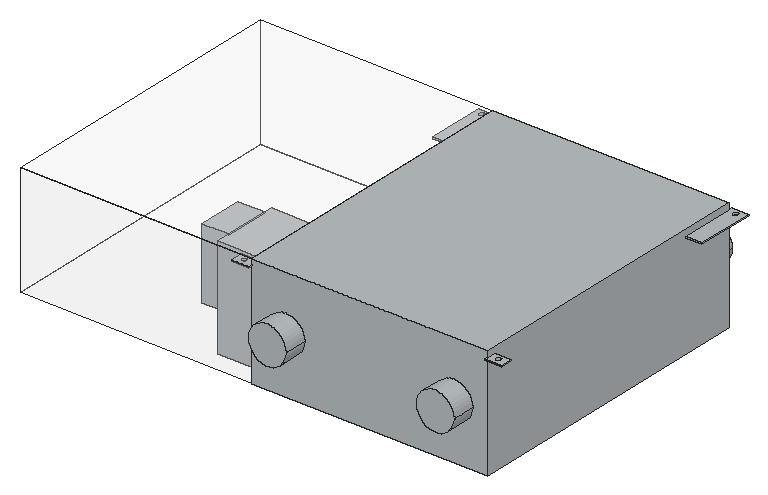
Revit family "lgh-rn15_100rxv(d)-c_60Hz", category 機械設備, Revit 2019
Family settings
  丸型コネクタ寸法 = 直径を使用
  パーツ タイプ = 割り込み
  OmniClass 番号 = 23.75.10.34.21
  OmniClass タイトル = Heat Exchangers for Ventilation Air
  作業面ベース = いいえ
  常に垂直 = はい
  ロード時にボイドで切り取り = いいえ
  共有 = いいえ
  部屋計算ポイント = はい
Parameters (values of type "LGH-RN15RXV-C")
  騒音レベル(dB(A)) = 31
  風量 = MAX風量  # 150.0 m³/h
  面風速 = 5.31 m/s
  電源種別 [instance] = "一般"
  電圧 = 100 V
  電動機出力 = 0 W
  集中コントローラ = ""
  運転質量 = 0.00 kg
  連動 [instance] = ""
  質量 = if(製品質量 > 運転質量, 製品質量, 運転質量) * 1.2  # 27.60 kg
  負荷分類 = 3_ファン類
  説明 = "業務用ロスナイ 天井埋込形 DCリプレースマイコン CO2センサー付"
  設計風量 = 0.0 m³/h
  設置方法 = "天井吊(隠ぺい)形"
  記号 [instance] = ""
  製造元 = "三菱電機株式会社"
  製品質量 = 23.00 kg
  製品出荷対象 = "国内"
  製品リリース年月 = "2020年10月1日"
  製品グループ = ""
  系統 [instance] = ""
  符号 [instance] = "HEU"
  積算_科目 = "1 空気調和設備"
  積算_拾い区分 [instance] = ""
  相 = 1
  盤記号 [instance] = ""
  発停方法 [instance] = "別売リモコン"
  特殊仕様 [instance] = ""
  点検口高さ = -Height / 2  # -145 mm
  点検口 = yes
  火災停止 [instance] = ""
  温度交換効率_特強 = 74.00%
  温度交換効率_強 = 74.00%
  温度交換効率_弱 = 78.00%
  消費電力 = 85 W
  法定耐用年数 = "15"
  機外静圧_排気 = 210.0 Pa
  機外静圧 = 210.0 Pa
  極数 = 2
  材質 [instance] = ""
  本体マテリアル = 溶融亜鉛めっき鋼板
  操作・制御方式 = ""
  操作・制御スイッチ = ""
  排気量 = 0.0 m³/h
  形式 = "天井埋込ダクト形"
  形名 = LGH-RN-1 : LGH-RN15-1
  幹線記号 [instance] = ""
  対象室 [instance] = ""
  実風量 = 0.0 m³/h
  始動方式 [instance] = "直入"
  外気量 = 設計風量  # 0.0 m³/h
  呼称 = "全熱交換ユニット"
  周波数 = 60 Hz
  天吊金具ピッチ幅 = 658 mm
  天吊金具ピッチ奥行 = 768 mm
  参照している仕様書等のバージョン = "公共建築工事標準仕様書（機械設備工事編）平成31年度版"
  初期抵抗 = 0.0 Pa
  分類コード = "50052504100070"
  分類グループ = ""
  価格 = 412200
  企業コード = "108420"
  付属品_フィルター_還気 = ""
  付属品_フィルター = ""
  付属品 [instance] = ""
  仕様書バージョン = "Version1.0"
  モデル = "LGH-RN15RXV-C"
  ドレン管径 = 0 mm
  OAダクト変更表示 = no
  EAダクト変更表示 = no
  サービススペース = yes
  コメント [instance] = ""
  Keynote = ""
  エンタルピ交換効率_暖房_特強 = 75.50%
  エンタルピ交換効率_暖房_強 = 75.50%
  エンタルピ交換効率_暖房_弱 = 79.00%
  エンタルピ交換効率_冷房_特強 = 64.50%
  エンタルピ交換効率_冷房_強 = 64.50%
  エンタルピ交換効率_冷房_弱 = 69.00%
  Width = 610 mm
  Version = ""
  Uniclass2015Version = "Systems v1.9"
  Uniclass2015Title = "Thermal wheels"
  Uniclass2015Code = "Pr_60_60_36_88"
  URL = "https://www.mitsubishielectric.co.jp/ldg/wink/ssl/displayProduct.do?pid=309810"
  SpecificationReference = ""
  SpecificationDescription = ""
  SMAX風量 = 150.0 m³/h
  SMAX静圧 = 210.0 Pa
  SAサイズ_D = 97.5 mm
  Revision = ""
  RAサイズ_D = 97.5 mm
  ProductInformation = ""
  OmniClassCode = "23-27 23 19 11"
  OAサイズ_W = 0 mm
  OAサイズ_D = 97.5 mm
  MIN風量 = 66.0 m³/h
  MIN静圧 = 35.0 Pa
  MID風量 = 108.0 m³/h
  MID静圧 = 93.0 Pa
  MAX風量 = 150.0 m³/h
  MAX静圧 = 180.0 Pa
  M = 59 mm
  IfcTypeProduct = ""
  IfcProduct = ""
  IfcExportType = "ROTARYWHEEL"
  IfcExportAs = "IfcAirToAirHeatRecoveryType"
  Height = 290 mm
  EAサイズ_W = 0 mm
  EAサイズ_D = 97.5 mm
  Depth = 780 mm
  Clearance Top = 0 mm  # constant formula
  Clearance Right = 0 mm  # constant formula
  Clearance Left = 600 mm  # constant formula
  Clearance Front = 0 mm  # constant formula
  Clearance Bottom = 0 mm  # constant formula
  Clearance Back = 0 mm  # constant formula
  Author = "三菱電機株式会社"
Types (14, lengths in mm): name | 騒音レベル(dB(A)) | 風量 | 面風速 | 電圧 | 質量 | 製品質量 | 点検口高さ | 温度交換効率_特強 | 温度交換効率_強 | 温度交換効率_弱 | 消費電力 | 機外静圧_排気 | 機外静圧 | 極数 | 形名 | 天吊金具ピッチ幅 | 天吊金具ピッチ奥行 | 参照している仕様書等のバージョン | 価格 | モデル | エンタルピ交換効率_暖房_特強 | エンタルピ交換効率_暖房_強 | エンタルピ交換効率_暖房_弱 | エンタルピ交換効率_冷房_特強 | エンタルピ交換効率_冷房_強 | エンタルピ交換効率_冷房_弱 | Width | URL | SMAX風量 | SMAX静圧 | SAサイズ_D | RAサイズ_D | OAサイズ_D | MIN風量 | MIN静圧 | MID風量 | MID静圧 | MAX風量 | MAX静圧 | M | Height | EAサイズ_D | Depth
  LGH-RN15RXVD-C | 31 | 150.0 m³/h | 5.31 m/s | 200 V | 27.60 kg | 23.00 kg | -145 | 74.00% | 74.00% | 78.00% | 85 W | 210.0 Pa | 210.0 Pa | 3 | LGH-RN-1 : LGH-RN15-1 | 658 | 768 | "公共建築工事標準仕様書（機械設備工事編）平成31年度版" | 412200 | "LGH-RN15RXVD-C" | 75.50% | 75.50% | 79.00% | 64.50% | 64.50% | 69.00% | 610 | "https://www.mitsubishielectric.co.jp/ldg/wink/ssl/displayProduct.do?pid=309809" | 150.0 m³/h | 210.0 Pa | 97.5 | 97.5 | 97.5 | 66.0 m³/h | 35.0 Pa | 108.0 m³/h | 93.0 Pa | 150.0 m³/h | 180.0 Pa | 59 | 290 | 97.5 | 780
  LGH-RN25RXVD-C | 30 | 250.0 m³/h | 3.93 m/s | 200 V | 28.80 kg | 24.00 kg | -145 | 70.00% | 70.00% | 78.00% | 110 W | 170.0 Pa | 170.0 Pa | 3 | LGH-RN-1 : LGH-RN25-1 | 782 | 768 | "公共建築工事標準仕様書（機械設備工事編）平成31年度版" | 433200 | "LGH-RN25RXVD-C" | 73.00% | 73.00% | 78.50% | 63.00% | 63.00% | 68.50% | 735 | "https://www.mitsubishielectric.co.jp/ldg/wink/ssl/displayProduct.do?pid=309804" | 250.0 m³/h | 170.0 Pa | 142 | 142 | 142 | 110.0 m³/h | 28.0 Pa | 180.0 m³/h | 75.0 Pa | 250.0 m³/h | 145.0 Pa | 69 | 290 | 142 | 780
  LGH-RN35RXVD-C | 33 | 350.0 m³/h | 5.5 m/s | 200 V | 39.60 kg | 33.00 kg | -165 | 71.50% | 71.50% | 75.00% | 210 W | 300.0 Pa | 300.0 Pa | 3 | LGH-RN-1 : LGH-RN35-1 | 921 | 875 | "公共建築工事標準仕様書（機械設備工事編）平成31年度版" | 458200 | "LGH-RN35RXVD-C" | 74.50% | 74.50% | 78.50% | 65.50% | 65.50% | 66.50% | 875 | "https://www.mitsubishielectric.co.jp/ldg/wink/ssl/displayProduct.do?pid=309808" | 350.0 m³/h | 300.0 Pa | 142 | 142 | 142 | 154.0 m³/h | 36.0 Pa | 252.0 m³/h | 96.0 Pa | 350.0 m³/h | 185.0 Pa | 69 | 330 | 142 | 890
  LGH-RN50RXVD-C | 37 | 500.0 m³/h | 4.42 m/s | 200 V | 44.40 kg | 37.00 kg | -165 | 71.00% | 71.00% | 75.00% | 315 W | 310.0 Pa | 310.0 Pa | 3 | LGH-RN-1 : LGH-RN50-1 | 1063 | 875 | "公共建築工事標準仕様書（機械設備工事編）平成31年度版" | 519200 | "LGH-RN50RXVD-C" | 73.00% | 73.00% | 77.50% | 63.00% | 63.00% | 66.50% | 1020 | "https://www.mitsubishielectric.co.jp/ldg/wink/ssl/displayProduct.do?pid=309806" | 500.0 m³/h | 310.0 Pa | 192 | 192 | 192 | 220.0 m³/h | 37.0 Pa | 360.0 m³/h | 98.0 Pa | 500.0 m³/h | 190.0 Pa | 84 | 330 | 192 | 890
  LGH-RN65RXVD-C | 40 | 650.0 m³/h | 5.75 m/s | 200 V | 51.60 kg | 43.00 kg | -202 | 71.50% | 71.50% | 76.00% | 445 W | 320.0 Pa | 320.0 Pa | 3 | LGH-RN-1 : LGH-RN65-1 | 1001 | 895 | "公共建築工事標準仕様書（機械設備工事編）平成31年度版" | 629200 | "LGH-RN65RXVD-C" | 72.00% | 72.00% | 76.00% | 63.00% | 63.00% | 67.00% | 892 | "https://www.mitsubishielectric.co.jp/ldg/wink/ssl/displayProduct.do?pid=309802" | 650.0 m³/h | 320.0 Pa | 192 | 192 | 192 | 286.0 m³/h | 45.0 Pa | 468.0 m³/h | 119.0 Pa | 650.0 m³/h | 230.0 Pa | 84 | 404 | 192 | 984
  LGH-RN80RXVD-C | 40 | 800.0 m³/h | 4.53 m/s | 200 V | 63.60 kg | 53.00 kg | -202 | 73.00% | 73.00% | 76.50% | 540 W | 310.0 Pa | 310.0 Pa | 3 | LGH-RN-1 : LGH-RN80-1 | 1051 | 1131 | "公共建築工事標準仕様書（機械設備工事編）平成31年度版" | 713200 | "LGH-RN80RXVD-C" | 75.00% | 75.00% | 78.00% | 65.00% | 65.00% | 68.00% | 1004 | "https://www.mitsubishielectric.co.jp/ldg/wink/ssl/displayProduct.do?pid=309801" | 800.0 m³/h | 310.0 Pa | 242 | 242 | 242 | 352.0 m³/h | 37.0 Pa | 576.0 m³/h | 98.0 Pa | 800.0 m³/h | 190.0 Pa | 84 | 404 | 242 | 1144
  LGH-RN100RXVD-C | 38 | 1000.0 m³/h | 5.66 m/s | 200 V | 69.60 kg | 58.00 kg | -202 | 73.00% | 73.00% | 75.00% | 580 W | 225.0 Pa | 225.0 Pa | 3 | LGH-RN-1 : LGH-RN100-1 | 1278 | 1131 | "" | 785200 | "LGH-RN100RXVD-C" | 75.00% | 75.00% | 76.50% | 65.00% | 65.00% | 67.50% | 1231 | "https://www.mitsubishielectric.co.jp/ldg/wink/ssl/displayProduct.do?pid=309812" | 1000.0 m³/h | 225.0 Pa | 242 | 242 | 242 | 440.0 m³/h | 32.0 Pa | 720.0 m³/h | 86.0 Pa | 1000.0 m³/h | 165.0 Pa | 84 | 404 | 242 | 1144
  LGH-RN15RXV-C | 31 | 150.0 m³/h | 5.31 m/s | 100 V | 27.60 kg | 23.00 kg | -145 | 74.00% | 74.00% | 78.00% | 85 W | 210.0 Pa | 210.0 Pa | 2 | LGH-RN-1 : LGH-RN15-1 | 658 | 768 | "公共建築工事標準仕様書（機械設備工事編）平成31年度版" | 412200 | "LGH-RN15RXV-C" | 75.50% | 75.50% | 79.00% | 64.50% | 64.50% | 69.00% | 610 | "https://www.mitsubishielectric.co.jp/ldg/wink/ssl/displayProduct.do?pid=309810" | 150.0 m³/h | 210.0 Pa | 97.5 | 97.5 | 97.5 | 66.0 m³/h | 35.0 Pa | 108.0 m³/h | 93.0 Pa | 150.0 m³/h | 180.0 Pa | 59 | 290 | 97.5 | 780
  LGH-RN25RXV-C | 30 | 250.0 m³/h | 3.93 m/s | 100 V | 28.80 kg | 24.00 kg | -145 | 70.00% | 70.00% | 78.00% | 110 W | 170.0 Pa | 170.0 Pa | 2 | LGH-RN-1 : LGH-RN25-1 | 782 | 768 | "公共建築工事標準仕様書（機械設備工事編）平成31年度版" | 433200 | "LGH-RN25RXV-C" | 73.00% | 73.00% | 78.50% | 63.00% | 63.00% | 68.50% | 735 | "https://www.mitsubishielectric.co.jp/ldg/wink/ssl/displayProduct.do?pid=309805" | 250.0 m³/h | 170.0 Pa | 142 | 142 | 142 | 110.0 m³/h | 28.0 Pa | 180.0 m³/h | 75.0 Pa | 250.0 m³/h | 145.0 Pa | 69 | 290 | 142 | 780
  LGH-RN35RXV-C | 33 | 350.0 m³/h | 5.5 m/s | 100 V | 39.60 kg | 33.00 kg | -165 | 71.50% | 71.50% | 75.00% | 210 W | 300.0 Pa | 300.0 Pa | 2 | LGH-RN-1 : LGH-RN35-1 | 921 | 875 | "公共建築工事標準仕様書（機械設備工事編）平成31年度版" | 458200 | "LGH-RN35RXV-C" | 74.50% | 74.50% | 78.50% | 65.50% | 65.50% | 66.50% | 875 | "https://www.mitsubishielectric.co.jp/ldg/wink/ssl/displayProduct.do?pid=309803" | 350.0 m³/h | 300.0 Pa | 142 | 142 | 142 | 154.0 m³/h | 36.0 Pa | 252.0 m³/h | 96.0 Pa | 350.0 m³/h | 185.0 Pa | 69 | 330 | 142 | 890
  LGH-RN50RXV-C | 37 | 500.0 m³/h | 4.42 m/s | 100 V | 44.40 kg | 37.00 kg | -165 | 71.00% | 71.00% | 75.00% | 315 W | 310.0 Pa | 310.0 Pa | 2 | LGH-RN-1 : LGH-RN50-1 | 1063 | 875 | "公共建築工事標準仕様書（機械設備工事編）平成31年度版" | 519200 | "LGH-RN50RXV-C" | 73.00% | 73.00% | 77.50% | 63.00% | 63.00% | 66.50% | 1020 | "https://www.mitsubishielectric.co.jp/ldg/wink/ssl/displayProduct.do?pid=309807" | 500.0 m³/h | 310.0 Pa | 192 | 192 | 192 | 220.0 m³/h | 37.0 Pa | 360.0 m³/h | 98.0 Pa | 500.0 m³/h | 190.0 Pa | 84 | 330 | 192 | 890
  LGH-RN65RXV-C | 40 | 650.0 m³/h | 5.75 m/s | 100 V | 51.60 kg | 43.00 kg | -202 | 71.50% | 71.50% | 76.00% | 445 W | 320.0 Pa | 320.0 Pa | 2 | LGH-RN-1 : LGH-RN65-1 | 1001 | 895 | "公共建築工事標準仕様書（機械設備工事編）平成31年度版" | 629200 | "LGH-RN65RXV-C" | 72.00% | 72.00% | 76.00% | 63.00% | 63.00% | 67.00% | 892 | "https://www.mitsubishielectric.co.jp/ldg/wink/ssl/displayProduct.do?pid=309799" | 650.0 m³/h | 320.0 Pa | 192 | 192 | 192 | 286.0 m³/h | 45.0 Pa | 468.0 m³/h | 119.0 Pa | 650.0 m³/h | 230.0 Pa | 84 | 404 | 192 | 984
  LGH-RN80RXV-C | 40 | 800.0 m³/h | 4.53 m/s | 100 V | 63.60 kg | 53.00 kg | -202 | 73.00% | 73.00% | 76.50% | 540 W | 310.0 Pa | 310.0 Pa | 2 | LGH-RN-1 : LGH-RN80-1 | 1051 | 1131 | "公共建築工事標準仕様書（機械設備工事編）平成31年度版" | 713200 | "LGH-RN80RXV-C" | 75.00% | 75.00% | 78.00% | 65.00% | 65.00% | 68.00% | 1004 | "https://www.mitsubishielectric.co.jp/ldg/wink/ssl/displayProduct.do?pid=309800" | 800.0 m³/h | 310.0 Pa | 242 | 242 | 242 | 352.0 m³/h | 37.0 Pa | 576.0 m³/h | 98.0 Pa | 800.0 m³/h | 190.0 Pa | 84 | 404 | 242 | 1144
  LGH-RN100RXV-C | 38 | 1000.0 m³/h | 5.66 m/s | 100 V | 69.60 kg | 58.00 kg | -202 | 73.00% | 73.00% | 75.00% | 580 W | 225.0 Pa | 225.0 Pa | 2 | LGH-RN-1 : LGH-RN100-1 | 1278 | 1131 | "" | 785200 | "LGH-RN100RXV-C" | 75.00% | 75.00% | 76.50% | 65.00% | 65.00% | 67.50% | 1231 | "https://www.mitsubishielectric.co.jp/ldg/wink/ssl/displayProduct.do?pid=309813" | 1000.0 m³/h | 225.0 Pa | 242 | 242 | 242 | 440.0 m³/h | 32.0 Pa | 720.0 m³/h | 86.0 Pa | 1000.0 m³/h | 165.0 Pa | 84 | 404 | 242 | 1144
Reference planes
  plane 1 "中心(正面/背面)": y = 0
  plane 2: z = 0
  plane 3 "中心(左/右)": x = 0
  plane 4 "4": x = 0
  plane 5 "3": x = 0
  plane 6 "左": x = -305
  plane 7 "右": x = 305
  plane 8 "背面": y = 390
  plane 9 "正面": y = -390
  plane 10: z = 145
  plane 11: y = 384
  plane 12: y = -384
  plane 13: x = 329
  plane 14: x = -329
  plane 15: z = -145
  plane 16: y = 390
  plane 17: y = -390
  plane 18: x = 305
  plane 19: x = -905
  plane 20: z = 145
  plane 21: z = -145
  plane 22: y = 225
  plane 23: x = -455
  plane 24: y = -225
Dimensions and locks
  equal spacing: plane 6 "左", plane 5 "3", plane 7 "右"
  "Width": plane 6 "左" to plane 7 "右"
  equal spacing: plane 9 "正面", plane 1 "中心(正面/背面)", plane 8 "背面"
  "Depth": plane 9 "正面" to plane 8 "背面"
  equal spacing: plane 10, level, plane 15
  "Height": plane 10 to plane 15
  equal spacing: plane 14, plane 5 "3", plane 13
  "天吊金具ピッチ幅": plane 14 to plane 13
  equal spacing: plane 12, plane 1 "中心(正面/背面)", plane 11
  "天吊金具ピッチ奥行": plane 12 to plane 11
  "Clearance Front": plane 17 to plane 9 "正面"
  "Clearance Back": plane 8 "背面" to plane 16
  "Clearance Right": plane 7 "右" to plane 18
  "Clearance Left": plane 19 to plane 6 "左"
  "Clearance Bottom": plane 15 to plane 21
  "Clearance Top": plane 20 to plane 10
  plane 17 to plane 9 "正面" = 0 mm
  locked: plane 19 to plane 23 at 450
  equal spacing: plane 24, plane 1 "中心(正面/背面)", plane 22
  locked: plane 24 to plane 22 at 450
  aligned and locked: level to plane 2
  aligned and locked: nested 1 to plane 11
  aligned and locked: plane 12 to nested 1
  aligned and locked: plane 14 to nested 1
  aligned and locked: plane 13 to nested 1
  aligned and locked: plane 10 to nested 2
  aligned and locked: plane 19 to nested 3
  aligned and locked: plane 20 to nested 3
  aligned and locked: plane 21 to nested 3
  aligned and locked: plane 17 to nested 3
  aligned and locked: plane 1 "中心(正面/背面)" to nested 2
  aligned and locked: nested 2 to plane 5 "3"
  aligned and locked: plane 16 to nested 3
  aligned and locked: plane 6 "左" to nested 3
  aligned and locked: plane 23 to nested 4
  aligned and locked: nested 4 to plane 24
  aligned and locked: plane 19 to nested 4
  aligned and locked: plane 22 to nested 4
Nested families
  nested 1: "固定点" at (-329, -384, 0), type "固定点"
    with W 658 mm, D 768 mm
  nested 2: "LGH-RN-1" at (0, 0, -145) x (0, -1, 0) z (0, 0, 1), type <- "形名", type "LGH-RN15-1"
  nested 3: "サービススペース" at (-605, 0, 0), visible <- "サービススペース", type "サービススペース"
    with Width 600 mm, Height 290 mm, Depth 780 mm
  nested 4: "点検口設置範囲" at (-680, 0, -145), visible <- "点検口", built-in parameter 1001364 <- "点検口高さ", type "点検口設置範囲"
    with Width 450 mm, Depth 450 mm
Connectors
  hvac at (-217.5, -449, 0), driven by "SAサイズ_D", driven by "機外静圧", driven by "風量"
    settings: on nested 2, index 2, duct flow 150.0 m³/h, flow factor 0, pres drop 210.0 Pa, loss coef 0, conn angle 0.00°, conn width 304.8 mm, conn height 304.8 mm, conn diameter 97.5 mm, duct sys type 1, conn prof type 0, flow config 0, flow direction 2, loss method 4, conn ref index -1, conn util no, is conn primary yes, conn desc ""
  hvac at (217.5, -449, 0), driven by "RAサイズ_D", driven by "機外静圧", driven by "風量"
    settings: on nested 2, index 3, duct flow 150.0 m³/h, flow factor 0, pres drop 210.0 Pa, loss coef 0, conn angle 0.00°, conn width 304.8 mm, conn height 304.8 mm, conn diameter 97.5 mm, duct sys type 2, conn prof type 0, flow config 0, flow direction 1, loss method 4, conn ref index -1, conn util no, is conn primary no, conn desc ""
  hvac at (-217.5, 449, 0), driven by "EAサイズ_D", driven by "機外静圧", driven by "排気量"
    settings: on nested 2, index 4, duct flow 0.0 m³/h, flow factor 0, pres drop 210.0 Pa, loss coef 0, conn angle 0.00°, conn width 304.8 mm, conn height 304.8 mm, conn diameter 97.5 mm, duct sys type 3, conn prof type 0, flow config 0, flow direction 2, loss method 4, conn ref index -1, conn util no, is conn primary no, conn desc ""
  hvac at (-217.5, 449, 0), driven by "OAサイズ_D", driven by "機外静圧", driven by "外気量"
    settings: on nested 2, index 5, duct flow 0.0 m³/h, flow factor 0, pres drop 210.0 Pa, loss coef 0, conn angle 0.00°, conn width 304.8 mm, conn height 304.8 mm, conn diameter 97.5 mm, duct sys type 4, conn prof type 0, flow config 0, flow direction 1, loss method 4, conn ref index -1, conn util no, is conn primary no, conn desc ""
  hvac at (364, 272, 0), driven by "EAサイズ_D", driven by "機外静圧", driven by "排気量"
    settings: on nested 2, index 7, duct flow 0.0 m³/h, flow factor 0, pres drop 210.0 Pa, loss coef 0, conn angle 0.00°, conn width 304.8 mm, conn height 304.8 mm, conn diameter 97.5 mm, duct sys type 3, conn prof type 0, flow config 0, flow direction 2, loss method 4, conn ref index -1, conn util no, is conn primary no, conn desc ""
  hvac at (-364, 272, 0), driven by "OAサイズ_D", driven by "機外静圧", driven by "外気量"
    settings: on nested 2, index 8, duct flow 0.0 m³/h, flow factor 0, pres drop 210.0 Pa, loss coef 0, conn angle 0.00°, conn width 304.8 mm, conn height 304.8 mm, conn diameter 97.5 mm, duct sys type 4, conn prof type 0, flow config 0, flow direction 1, loss method 4, conn ref index -1, conn util no, is conn primary no, conn desc ""
  hvac at (217.5, 449, 0), driven by "EAサイズ_D", driven by "機外静圧", driven by "排気量"
    settings: on nested 2, index 9, duct flow 0.0 m³/h, flow factor 0, pres drop 210.0 Pa, loss coef 0, conn angle 0.00°, conn width 304.8 mm, conn height 304.8 mm, conn diameter 97.5 mm, duct sys type 3, conn prof type 0, flow config 0, flow direction 2, loss method 4, conn ref index -1, conn util no, is conn primary no, conn desc ""
  electrical at (-362.5, -357, -0.5), driven by "極数", driven by "負荷分類", driven by "電圧", driven by "消費電力"
    settings: on nested 2, index 10, voltage 100 V, apparent load 85 VA, apparent load phase1 0 VA, apparent load phase2 0 VA, apparent load phase3 0 VA, power factor 1, load classification "3_ファン類", number of poles 2, system type 30, power factor state 1, is connector primary yes, connector utility no, sub classification motor no, connector description ""
Definition of nested family "LGH-RN-1"
  Parameters (values of type "LGH-RN65-1")
    吊りボルト-φ = 13 mm
    吊りボルト-W1 = 895 mm
    吊りボルト-D1 = 1001 mm
    マテリアル = none
    ダクト間 = 620 mm
    ダクト変更位置 = 122 mm
    OA変更 = no
    OA標準 = not(OA変更)  # yes
    EA変更 = no
    EA標準 = not(EA変更)  # yes
    コントロール手前位置 = 71 mm
    コントロール上位置 = 57 mm
    φ = 192 mm
    吊りボルト-H = 15 mm
    M = 84 mm
    W = 984 mm
    H = 404 mm
    D = 892 mm
    CO2センサー手前位置 = 107 mm
    CO2センサー上位置 = 56 mm
  Types (7, lengths in mm): name | 吊りボルト-W1 | 吊りボルト-D1 | ダクト間 | ダクト変更位置 | コントロール手前位置 | コントロール上位置 | φ | 吊りボルト-H | M | W | H | D | CO2センサー手前位置 | CO2センサー上位置
    LGH-RN100-1 | 1131 | 1278 | 917 | 165 | 146 | 88 | 242 | 15 | 84 | 1144 | 404 | 1231 | 182 | 87
    LGH-RN80-1 | 1131 | 1051 | 690 | 165 | 146 | 88 | 242 | 15 | 84 | 1144 | 404 | 1004 | 182 | 87
    LGH-RN65-1 | 895 | 1001 | 620 | 122 | 71 | 57 | 192 | 15 | 84 | 984 | 404 | 892 | 107 | 56
    LGH-RN35-1 | 875 | 921 | 600 | 140 | 68 | 23 | 142 | 19 | 69 | 890 | 330 | 875 | 104 | 22
    LGH-RN25-1 | 768 | 782 | 520 | 118 | 33 | 15 | 142 | 15 | 69 | 780 | 290 | 735 | 69 | 14
    LGH-RN50-1 | 875 | 1063 | 700 | 130 | 68 | 23 | 192 | 19 | 84 | 890 | 330 | 1020 | 104 | 22
    LGH-RN15-1 | 768 | 658 | 435 | 118 | 33 | 15 | 97.5 | 15 | 59 | 780 | 290 | 610 | 69 | 14
  Reference planes
    plane 1 "中心(正面/背面)": y = 0
    plane 2: z = 0
    plane 3 "中心(左/右)": x = 0
    plane 4: y = 446
    plane 5: y = 500.5
    plane 6: y = 520.5
    plane 7: y = -446
    plane 8: y = -500.5
    plane 9: y = -520.5
    plane 10: x = -492
    plane 11: x = 492
    plane 12: z = 404
    plane 13: x = -213
    plane 14: x = 576
    plane 15: x = -576
    plane 16: z = 202
    plane 17: y = 310
    plane 18: y = -310
    plane 19: x = -447.5
    plane 20: x = 447.5
    plane 21: x = 164
    plane 22: x = -164
    plane 23: y = -561
    plane 24: y = -630
    plane 25: x = 421
    plane 26: x = 381.333
    plane 27: x = 246
    plane 28: z = 336.667
    plane 29: z = 269.333
    plane 30: z = 134.667
    plane 31: z = 67.333
    plane 32: x = 385
    plane 33: x = 270
    plane 34: x = -501
    plane 35: x = 501
    plane 36: x = 432.5
    plane 37: x = -312.5
    plane 38: z = 389
    plane 39: z = 386
    plane 40: z = 347
    plane 41: z = 348
    plane 42: z = 165
    plane 43: z = 86
    plane 44: x = -370
    plane 45: y = 530
    plane 46: y = -530
  Forms (mm)
    Extrusion 1, solid, material <- "マテリアル", detail levels fine
      sketch origin (0, 0, 0) x (1, 0, 0) y (0, 1, 0)
        loop
          line (-492, 446) -> (-492, -446) -> (492, -446) -> (492, 446) -> (-492, 446)
      from 0 to 404
    Extrusion 2, solid, material <- "マテリアル", visible <- "OA標準", detail levels fine
      sketch origin (0, 0, 0) x (0, 1, 0) y (0, 0, 1)
        loop
          circle (-310, 202) r 96
      from -492 to -576
    Extrusion 3, solid, material <- "マテリアル", detail levels fine
      sketch origin (0, 0, 0) x (0, 1, 0) y (0, 0, -1)
        loop
          circle (-310, -202) r 96
        loop
          circle (310, -202) r 96
      from -492 to -576
    Extrusion 4, solid, material <- "マテリアル", detail levels fine
      sketch origin (0, 0, 0) x (1, 0, 0) y (0, 0, 1)
        loop
          line (246, 347) -> (246, 86) -> (421, 86) -> (421, 347) -> (246, 347)
      from 446 to 561
    Extrusion 5, solid, material <- "マテリアル", detail levels fine
      sketch origin (0, 0, 0) x (1, 0, 0) y (0, 0, 1)
        loop
          line (270, 348) -> (270, 165) -> (385, 165) -> (385, 348) -> (270, 348)
      from 561 to 630
    Extrusion 6, solid, material <- "マテリアル", detail levels fine
      sketch origin (0, 0, 0) x (1, 0, 0) y (0, 1, 0)
        loop
          line (-501, 520.5) -> (-501, 446) -> (-312.5, 446) -> (-312.5, 520.5) -> (-501, 520.5)
        loop
          line (-501, -446) -> (-501, -520.5) -> (-312.5, -520.5) -> (-312.5, -446) -> (-501, -446)
        loop
          line (432.5, 520.5) -> (432.5, 446) -> (501, 446) -> (501, 520.5) -> (432.5, 520.5)
        loop
          line (432.5, -520.5) -> (501, -520.5) -> (501, -446) -> (432.5, -446) -> (432.5, -520.5)
        loop
          circle (-447.5, 500.5) r 6.5
        loop
          circle (447.5, 500.5) r 6.5
        loop
          circle (-447.5, -500.5) r 6.5
        loop
          circle (447.5, -500.5) r 6.5
      from 386 to 389
    Extrusion 7, solid, material <- "マテリアル", visible <- "OA変更", detail levels fine
      sketch origin (0, 0, 0) x (1, 0, 0) y (0, 0, 1)
        loop
          circle (-370, 202) r 96
      from 446 to 530
    Extrusion 8, solid, material <- "マテリアル", visible <- "EA変更", detail levels fine
      sketch origin (0, 0, 0) x (1, 0, 0) y (0, 0, -1)
        loop
          circle (-370, -202) r 96
      from 446 to 530
    Extrusion 9, solid, material <- "マテリアル", visible <- "EA標準", detail levels fine
      sketch origin (0, 435, 0) x (0, 1, 0) y (0, 0, 1)
        loop
          circle (-125, 202) r 96
      from -492 to -576
  Dimensions and locks
    "W": plane 10 to plane 11
    "吊りボルト-D1": plane 8 to plane 5
    "D": plane 7 to plane 4
    equal spacing: plane 7, plane 1 "中心(正面/背面)", plane 4
    equal spacing: plane 10, plane 3 "中心(左/右)", plane 11
    "H": plane 12 to level
    "M": plane 15 to plane 10
    "M": plane 11 to plane 14
    equal spacing: plane 8, plane 1 "中心(正面/背面)", plane 5
    equal spacing: plane 18, plane 1 "中心(正面/背面)", plane 17
    "ダクト間": plane 18 to plane 17
    equal spacing: plane 19, plane 3 "中心(左/右)", plane 20
    "吊りボルト-W1": plane 19 to plane 20
    plane 15 to plane 14 = 1152 mm
    equal spacing: plane 10, plane 22, plane 21, plane 11
    plane 11 to plane 21 to plane 22 to plane 10 = 328 mm, 328 mm, 328 mm
    locked: plane 23 to plane 7 at 115
    locked: plane 24 to plane 7 at 184
    equal spacing: plane 12, plane 28, plane 29, plane 16, plane 30, plane 31, level
    locked: plane 5 to plane 6 at 20
    locked: plane 9 to plane 8 at 20
    locked: plane 38 to plane 39 at 3
    "吊りボルト-H": plane 12 to plane 38
    locked: plane 19 to plane 37 at 135
    locked: plane 36 to plane 20 at 15
    locked: plane 34 to plane 10 at 9
    locked: plane 11 to plane 35 at 9
    "コントロール手前位置": plane 25 to plane 11
    locked: plane 33 to plane 32 at 115
    locked: plane 27 to plane 25 at 175
    "CO2センサー手前位置": plane 32 to plane 11
    "コントロール上位置": plane 12 to plane 40
    "CO2センサー上位置": plane 12 to plane 41
    locked: plane 41 to plane 42 at 183
    locked: plane 40 to plane 43 at 261
    "ダクト変更位置": plane 10 to plane 44
    "M": plane 4 to plane 45
    "M": plane 46 to plane 7
    "φ": diameter of Extrusion 2 sketch curve
    "φ": diameter of Extrusion 3 sketch curve  (x2)
    "吊りボルト-φ": diameter of Extrusion 6 sketch curve  (x4)
    "φ": diameter of Extrusion 7 sketch curve
    "φ": diameter of Extrusion 8 sketch curve
    "φ": diameter of Extrusion 9 sketch curve
    aligned and locked: level to plane 2
    aligned and locked: plane 4 to Extrusion 1 sketch curve
    aligned and locked: plane 10 to Extrusion 1 sketch curve
    aligned and locked: Extrusion 1 sketch curve to plane 7
    aligned and locked: Extrusion 1 sketch curve to plane 11
    aligned and locked: plane 12 to Extrusion 1
    aligned and locked: plane 16 to Extrusion 2 sketch curve
    aligned and locked: Extrusion 2 to plane 15
    aligned and locked: plane 14 to Extrusion 3
    aligned and locked: plane 18 to Extrusion 3 sketch curve
    aligned and locked: plane 16 to Extrusion 3 sketch curve  (x2)
    aligned and locked: plane 18 to Extrusion 2 sketch curve
    aligned and locked: plane 17 to Extrusion 3 sketch curve
    aligned and locked: Extrusion 4 sketch curve to plane 25
    aligned and locked: plane 27 to Extrusion 4 sketch curve
    aligned and locked: plane 33 to Extrusion 5 sketch curve
    aligned and locked: Extrusion 5 sketch curve to plane 32
    aligned and locked: plane 7 to Extrusion 4
    aligned and locked: plane 23 to Extrusion 4
    aligned and locked: plane 23 to Extrusion 5
    aligned and locked: plane 24 to Extrusion 5
    aligned and locked: plane 6 to Extrusion 6 sketch curve  (x2)
    aligned and locked: plane 34 to Extrusion 6 sketch curve  (x2)
    aligned and locked: Extrusion 6 sketch curve to plane 4  (x2)
    aligned and locked: Extrusion 6 sketch curve to plane 37  (x2)
    aligned and locked: plane 7 to Extrusion 6 sketch curve
    aligned and locked: Extrusion 6 sketch curve to plane 9
    aligned and locked: Extrusion 6 sketch curve to plane 35
    aligned and locked: plane 9 to Extrusion 6 sketch curve
    aligned and locked: Extrusion 6 sketch curve to plane 7
    aligned and locked: plane 35 to Extrusion 6 sketch curve
    aligned and locked: plane 8 to Extrusion 6 sketch curve  (x2)
    aligned and locked: plane 5 to Extrusion 6 sketch curve  (x2)
    aligned and locked: plane 19 to Extrusion 6 sketch curve  (x2)
    aligned and locked: plane 20 to Extrusion 6 sketch curve  (x2)
    aligned and locked: Extrusion 6 to plane 39
    aligned and locked: plane 38 to Extrusion 6
    aligned and locked: Extrusion 6 sketch curve to plane 36  (x2)
    aligned and locked: Extrusion 5 sketch curve to plane 41
    aligned and locked: plane 42 to Extrusion 5 sketch curve
    aligned and locked: Extrusion 4 sketch curve to plane 40
    aligned and locked: plane 43 to Extrusion 4 sketch curve
    aligned and locked: plane 16 to Extrusion 7 sketch curve
    aligned and locked: plane 44 to Extrusion 7 sketch curve
    aligned and locked: plane 46 to Extrusion 7
    aligned and locked: Extrusion 8 to plane 45
    aligned and locked: plane 16 to Extrusion 8 sketch curve
    aligned and locked: plane 44 to Extrusion 8 sketch curve
    aligned and locked: plane 16 to Extrusion 9 sketch curve
    aligned and locked: plane 17 to Extrusion 9 sketch curve
    aligned and locked: Extrusion 9 to plane 15
    aligned and locked: Extrusion 3 to plane 11
    aligned and locked: plane 10 to Extrusion 9
    aligned and locked: plane 10 to Extrusion 2
    aligned and locked: plane 4 to Extrusion 8
    aligned and locked: Extrusion 7 to plane 7
Definition of nested family "サービススペース"
  Parameters (values of type "サービススペース")
    Width [instance] = 500 mm
    Height [instance] = 500 mm
    Depth [instance] = 500 mm
  Reference planes
    plane 1 "中心(正面/背面)": y = 0
    plane 2: z = 0
    plane 3 "中心(左/右)": x = 0
    plane 4: y = -250
    plane 5: x = 250
    plane 6: y = 250
    plane 7: x = -250
    plane 8: z = 250
    plane 9: z = -250
  Forms (mm)
    Extrusion 1, solid
      sketch origin (-638.939, 0, 72.39) x (1, 0, 0) y (0, 1, 0)
        loop
          line (388.939, 250) -> (388.939, -250) -> (888.939, -250) -> (888.939, 250) -> (388.939, 250)
      from -322.39 to 177.61
  Lines and regions (mm)
    symbolic lines
      curve 1: line (-250, 0, 250) -> (250, 0, 250)
      curve 2: line (-250, 0, -250) -> (-250, 0, 250)
      curve 3: line (250, 0, -250) -> (-250, 0, -250)
      curve 4: line (250, 0, 250) -> (250, 0, -250)
      curve 5: line (0, -250, 250) -> (0, 250, 250)
      curve 6: line (0, -250, -250) -> (0, -250, 250)
      curve 7: line (0, 250, -250) -> (0, -250, -250)
      curve 8: line (0, 250, 250) -> (0, 250, -250)
      curve 9: line (-250, 250, 0) -> (250, 250, 0)
      curve 10: line (-250, -250, 0) -> (-250, 250, 0)
      curve 11: line (250, -250, 0) -> (-250, -250, 0)
      curve 12: line (250, 250, 0) -> (250, -250, 0)
  Dimensions and locks
    equal spacing: plane 7, plane 3 "中心(左/右)", plane 5
    equal spacing: plane 4, plane 1 "中心(正面/背面)", plane 6
    "Depth": plane 4 to plane 6
    "Width": plane 7 to plane 5
    equal spacing: plane 8, plane 2, plane 9
    "Height": plane 8 to plane 9
    aligned and locked: plane 9 to curve 3
    aligned and locked: plane 7 to curve 2
    aligned and locked: curve 4 to plane 5
    aligned and locked: plane 5 to Extrusion 1
    aligned and locked: Extrusion 1 to plane 7
    aligned and locked: Extrusion 1 to plane 9
    aligned and locked: plane 8 to Extrusion 1
    aligned and locked: plane 9 to curve 7
  Automatic sketch dimensions
    plane 4 to Extrusion 1 sketch curve = 0 mm
    Extrusion 1 sketch curve to plane 7 = 0 mm
    Extrusion 1 sketch curve to plane 5 = 0 mm
    plane 6 to Extrusion 1 sketch curve = 0 mm
    curve 2 to plane 8 = 0 mm
    plane 4 to curve 11 = 0 mm
    curve 11 to plane 7 = 0 mm
    curve 11 to plane 5 = 0 mm
    plane 6 to curve 10 = 0 mm
    curve 7 to plane 4 = 0 mm
    curve 7 to plane 6 = 0 mm
    curve 6 to plane 8 = 0 mm
Definition of nested family "固定点"
  Parameters (values of type "固定点")
    中心円 = 11 mm
    W [instance] = 1000 mm
    D [instance] = 1000 mm
  Reference planes
    plane 1 "中心(正面/背面)": y = 0
    plane 2: z = 0
    plane 3 "中心(左/右)": x = 0
    plane 4: x = 1000
    plane 5: y = 1000
  Lines and regions (mm)
    symbolic lines, detail levels fine
      curve 1: circle (0, 1000, 0) r 5.5 normal (0, 0, 1)
      curve 2: circle (0, 0, 0) r 5.5 normal (0, 0, 1)
      curve 3: circle (1000, 1000, 0) r 5.5 normal (0, 0, 1)
      curve 4: circle (1000, 0, 0) r 5.5 normal (0, 0, 1)
      curve 5: line (-200, 1000, 0) -> (1200, 1000, 0)
      curve 6: line (-200, 0, 0) -> (1200, 0, 0)
      curve 7: line (0, 1200, 0) -> (0, -200, 0)
      curve 8: line (1000, 1200, 0) -> (1000, -200, 0)
  Dimensions and locks
    "W": plane 3 "中心(左/右)" to plane 4
    "D": plane 1 "中心(正面/背面)" to plane 5
    "中心円": diameter of curve 1
    "中心円": diameter of curve 2
    "中心円": diameter of curve 3
    "中心円": diameter of curve 4
    aligned and locked: level to plane 2
    aligned and locked: plane 5 to curve 1
    aligned and locked: plane 3 "中心(左/右)" to curve 1
    aligned and locked: plane 3 "中心(左/右)" to curve 2
    aligned and locked: plane 1 "中心(正面/背面)" to curve 2
    aligned and locked: plane 4 to curve 3
    aligned and locked: plane 5 to curve 3
    aligned and locked: plane 1 "中心(正面/背面)" to curve 4
    aligned and locked: plane 4 to curve 4
    aligned and locked: plane 1 "中心(正面/背面)" to curve 6
    aligned and locked: curve 7 to plane 3 "中心(左/右)"
    aligned and locked: curve 8 to plane 4
  Automatic sketch dimensions
    curve 5 to plane 5 = 0 mm
    curve 6 to plane 3 "中心(左/右)" = 200 mm
    curve 5 to plane 3 "中心(左/右)" = 200 mm
    curve 4 to curve 6 = 200 mm
    curve 3 to curve 5 = 200 mm
    plane 1 "中心(正面/背面)" to curve 8 = 200 mm
    plane 1 "中心(正面/背面)" to curve 7 = 200 mm
    curve 3 to curve 8 = 200 mm
    curve 1 to curve 7 = 200 mm
Definition of nested family "点検口設置範囲"
  Parameters (values of type "点検口設置範囲")
    Width [instance] = 1000 mm
    Depth [instance] = 700 mm
  Reference planes
    plane 1 "中心(正面/背面)": y = 0
    plane 2: z = 0
    plane 3 "中心(左/右)": x = 0
    plane 4: x = -500
    plane 5: x = 500
    plane 6: y = -350
    plane 7: y = 350
  Lines and regions (mm)
    model lines
      curve 1: line (-500, 350, 0) -> (500, 350, 0)
      curve 2: line (-500, -350, 0) -> (-500, 350, 0)
      curve 3: line (500, -350, 0) -> (-500, -350, 0)
      curve 4: line (500, 350, 0) -> (500, -350, 0)
  Dimensions and locks
    "Depth": plane 7 to plane 6
    "Width": plane 4 to plane 5
    equal spacing: plane 7, plane 1 "中心(正面/背面)", plane 6
    equal spacing: plane 4, plane 3 "中心(左/右)", plane 5
    aligned and locked: level to plane 2
    aligned and locked: plane 4 to curve 2
    aligned and locked: curve 1 to plane 7
    aligned and locked: curve 4 to plane 5
    aligned and locked: plane 6 to curve 3
